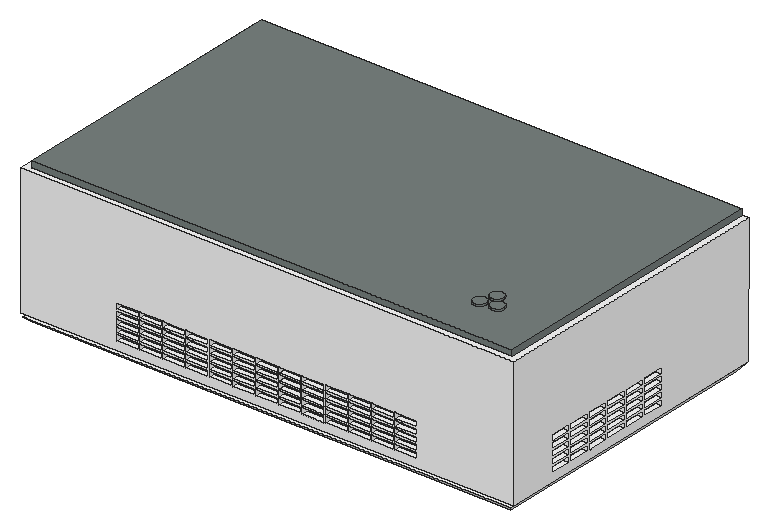
Revit family "AM 300 HHBB", category Mechanical Equipment, Revit 2019
Family settings
  Round Connector Dimension = Use Diameter
  Part Type = Normal
  OmniClass Number = 23.75.00.00
  OmniClass Title = Climate Control (HVAC)
  Work Plane-Based = No
  Always vertical = Yes
  Cut with Voids When Loaded = No
  Shared = No
  Room Calculation Point = No
Parameters
  Weight (Standard Unit) = 85  # constant formula
  Water Heating [instance] = yes
  Water Heater Surface Return = 15 mm  # constant formula
  Water Heater Surface IN = 15 mm  # constant formula
  URL = "www.airmaster-as.com"
  Total Width = 1180 mm  # constant formula
  Total Hight = 344 mm  # constant formula
  T-C Duct Supply = 187 mm  # constant formula
  T-C Duct Exhaust = 187 mm  # constant formula
  Suply Air In = 160 mm  # constant formula
  R-C Duct Supply = 133 mm  # constant formula
  Phase 1 - Max Power Consumption = "1175 W"
  Phase 1 - Max Current = "7,97 A"
  Nominal current, electrical preheating surface = "4,35 A"
  Nominal current, electrical comfort heating surface = "2,17 A"
  Nominal current, air handling unit = "1,45 A"
  Network Conection = "AWG 24 CAT 5e STP"
  Model = "AM 300 HHBB"
  Max. flow rate 35 dB(A) with ePM10 80% filters = 240.00 m³  # constant formula
  Max. flow rate 35 dB(A) with ePM10 55% filters = 270.00 m³  # constant formula
  Max. flow rate 35 dB(A) with ePM10 50% filters = 275.00 m³  # constant formula
  Max. flow rate 30 dB(A) with ePM10 80% filters = 180.00 m³  # constant formula
  Max. flow rate 30 dB(A) with ePM10 55% filters = 205.00 m³  # constant formula
  Max. flow rate 30 dB(A) with ePM10 50% filters = 210.00 m³  # constant formula
  Manufacturer = "Airmaster A/S"
  Maintenance [instance] = no
  L-C Duct Exhaust = 133 mm  # constant formula
  Exhaust Air = 160 mm  # constant formula
  Total Depth = 703 mm  # constant formula
  Electrical connection = "1 ~ 230 V / N / PE / 50 Hz"
  Drawn By = "LSB"
  Data Sheet = "https://www.airmaster-as.com/media/4938/15583-am300-en-rev-04.pdf"
  Condensate = 6 mm  # constant formula
  BMS Panel = "(PTS) 2x2x0,6"
  BMS Out = "(PTS) 2x2x0,6"
  BMS IN = "(PTS) 2x2x0,6"
  Airlow area [instance] = no
Reference planes
  plane 1 "Center (Front/Back)": y = 0
  plane 2: z = 0
  plane 3 "Center (Left/Right)": x = 0
  plane 4 "Center L/S": y = -703
  plane 5 "Center L/T": x = -590
  plane 6 "Center L/U": x = 590
  plane 7 "TOP": z = 344
  plane 8 "Center L/V": x = -575
  plane 9 "Center L/W": y = -688
  plane 10 "Center L/X": x = 575
  plane 11 "Panel Buttom": z = 20.747
  plane 12 "Panel Top": z = 330.347
  plane 13 "Hatch": z = 14.5
Forms (mm)
  Extrusion 1, solid, material "AM Grey"
    sketch origin (0, 0, 0) x (1, 0, 0) y (0, 1, 0)
      loop
        line (-575, 0) -> (-575, -688) -> (575, -688) -> (575, 0) -> (-575, 0)
    from 14.5 to 344
  Extrusion 2, solid, material "AM White"
    sketch origin (794.5, -1524, 20.747) x (0, -1, 0) y (-1, 0, 0)
      loop
        line (-1524, 1384.5) -> (-1524, 1369.5) -> (-836, 1369.5) -> (-836, 219.5) -> (-1524, 219.5) -> (-1524, 204.5) -> (-821, 204.5) -> (-821, 1384.5) -> (-1524, 1384.5)
    from 0 to -309.6
  Blend 3, solid, material "AM White"
    base sketch origin (-790.646, -1524, 14.5) x (0, -1, 0) y (1, 0, 0)
      loop
        line (-821, 207.613) -> (-821, 1373.657) -> (-1524, 1373.657) -> (-1524, 207.613) -> (-821, 207.613)
    top sketch origin (-790.646, -1524, 14.5) x (0, -1, 0) y (1, 0, 0)
      loop
        line (-836, 218.963) -> (-836, 1362.646) -> (-1509.161, 1362.646) -> (-1509.161, 218.963) -> (-836, 218.963)
    from 0 to -14.5
  Extrusion 4, solid, material "AM Grey"
    sketch origin (-575, 0, 0) x (1, 0, 0) y (0, 0, -1)
      loop
        circle (1032, -157) r 80
    from 0 to 18.45
  Extrusion 5, solid, material "AM Grey"
    sketch origin (-785, 0, 0) x (1, 0, 0) y (0, 0, -1)
      loop
        circle (328, -157) r 80
    from 0 to 18.45
  Extrusion 6, solid, material "Maintenece", visible <- "Maintenance"
    sketch origin (-790.646, -1524, 0) x (1, 0, 0) y (0, -1, 0)
      loop
        line (200.646, -1524) -> (1380.646, -1524) -> (1380.646, -821) -> (200.646, -821) -> (200.646, -1524)
    from 0 to 1200
  Extrusion 7, solid, material "Maintenece", visible <- "Airlow area"
    sketch origin (590, 0, 24.45) x (0, -1, 0) y (0, 0, -1)
      loop
        line (0, -98.297) -> (703, -98.297) -> (703, 21) -> (0, 21) -> (0, -98.297)
    from 0 to 500
  Extrusion 8, solid, material "AM Grey"
    sketch origin (0, 0, 344) x (1, 0, 0) y (0, 1, 0)
      loop
        circle (428.027, -549.273) r 15.55
    from 0 to 3
  Extrusion 9, solid, material "AM Grey"
    sketch origin (0, 0, 344) x (1, 0, 0) y (0, 1, 0)
      loop
        circle (452.132, -578.023) r 15.55
    from 0 to 3
  Extrusion 10, solid, material "AM Grey"
    sketch origin (0, 0, 344) x (1, 0, 0) y (0, 1, 0)
      loop
        circle (415.201, -584.535) r 15.55
    from 0 to 3
  Extrusion 11, void
    sketch origin (590, -703, 24.45) x (1, 0, 0) y (0, 0, -1)
      loop
        line (-950, -98.297) -> (-897.385, -98.297) -> (-897.385, -84.297) -> (-950, -84.297) -> (-950, -98.297)
      loop
        line (-950, -81.297) -> (-897.385, -81.297) -> (-897.385, -67.297) -> (-950, -67.297) -> (-950, -81.297)
      loop
        line (-950, -64.297) -> (-897.385, -64.297) -> (-897.385, -50.297) -> (-950, -50.297) -> (-950, -64.297)
      loop
        line (-950, -47.297) -> (-897.385, -47.297) -> (-897.385, -33.297) -> (-950, -33.297) -> (-950, -47.297)
      loop
        line (-950, -30.297) -> (-897.385, -30.297) -> (-897.385, -16.297) -> (-950, -16.297) -> (-950, -30.297)
      loop
        line (-894.385, -98.297) -> (-841.769, -98.297) -> (-841.769, -84.297) -> (-894.385, -84.297) -> (-894.385, -98.297)
      loop
        line (-894.385, -81.297) -> (-841.769, -81.297) -> (-841.769, -67.297) -> (-894.385, -67.297) -> (-894.385, -81.297)
      loop
        line (-894.385, -64.297) -> (-841.769, -64.297) -> (-841.769, -50.297) -> (-894.385, -50.297) -> (-894.385, -64.297)
      loop
        line (-894.385, -47.297) -> (-841.769, -47.297) -> (-841.769, -33.297) -> (-894.385, -33.297) -> (-894.385, -47.297)
      loop
        line (-894.385, -30.297) -> (-841.769, -30.297) -> (-841.769, -16.297) -> (-894.385, -16.297) -> (-894.385, -30.297)
      loop
        line (-838.769, -98.297) -> (-786.154, -98.297) -> (-786.154, -84.297) -> (-838.769, -84.297) -> (-838.769, -98.297)
      loop
        line (-838.769, -81.297) -> (-786.154, -81.297) -> (-786.154, -67.297) -> (-838.769, -67.297) -> (-838.769, -81.297)
      loop
        line (-838.769, -64.297) -> (-786.154, -64.297) -> (-786.154, -50.297) -> (-838.769, -50.297) -> (-838.769, -64.297)
      loop
        line (-838.769, -47.297) -> (-786.154, -47.297) -> (-786.154, -33.297) -> (-838.769, -33.297) -> (-838.769, -47.297)
      loop
        line (-838.769, -30.297) -> (-786.154, -30.297) -> (-786.154, -16.297) -> (-838.769, -16.297) -> (-838.769, -30.297)
      loop
        line (-783.154, -98.297) -> (-730.538, -98.297) -> (-730.538, -84.297) -> (-783.154, -84.297) -> (-783.154, -98.297)
      loop
        line (-783.154, -81.297) -> (-730.538, -81.297) -> (-730.538, -67.297) -> (-783.154, -67.297) -> (-783.154, -81.297)
      loop
        line (-783.154, -64.297) -> (-730.538, -64.297) -> (-730.538, -50.297) -> (-783.154, -50.297) -> (-783.154, -64.297)
      loop
        line (-783.154, -47.297) -> (-730.538, -47.297) -> (-730.538, -33.297) -> (-783.154, -33.297) -> (-783.154, -47.297)
      loop
        line (-783.154, -30.297) -> (-730.538, -30.297) -> (-730.538, -16.297) -> (-783.154, -16.297) -> (-783.154, -30.297)
      loop
        line (-727.538, -98.297) -> (-674.923, -98.297) -> (-674.923, -84.297) -> (-727.538, -84.297) -> (-727.538, -98.297)
      loop
        line (-727.538, -81.297) -> (-674.923, -81.297) -> (-674.923, -67.297) -> (-727.538, -67.297) -> (-727.538, -81.297)
      loop
        line (-727.538, -64.297) -> (-674.923, -64.297) -> (-674.923, -50.297) -> (-727.538, -50.297) -> (-727.538, -64.297)
      loop
        line (-727.538, -47.297) -> (-674.923, -47.297) -> (-674.923, -33.297) -> (-727.538, -33.297) -> (-727.538, -47.297)
      loop
        line (-727.538, -30.297) -> (-674.923, -30.297) -> (-674.923, -16.297) -> (-727.538, -16.297) -> (-727.538, -30.297)
      loop
        line (-671.923, -98.297) -> (-619.308, -98.297) -> (-619.308, -84.297) -> (-671.923, -84.297) -> (-671.923, -98.297)
      loop
        line (-671.923, -81.297) -> (-619.308, -81.297) -> (-619.308, -67.297) -> (-671.923, -67.297) -> (-671.923, -81.297)
      loop
        line (-671.923, -64.297) -> (-619.308, -64.297) -> (-619.308, -50.297) -> (-671.923, -50.297) -> (-671.923, -64.297)
      loop
        line (-671.923, -47.297) -> (-619.308, -47.297) -> (-619.308, -33.297) -> (-671.923, -33.297) -> (-671.923, -47.297)
      loop
        line (-671.923, -30.297) -> (-619.308, -30.297) -> (-619.308, -16.297) -> (-671.923, -16.297) -> (-671.923, -30.297)
      loop
        line (-616.308, -98.297) -> (-563.692, -98.297) -> (-563.692, -84.297) -> (-616.308, -84.297) -> (-616.308, -98.297)
      loop
        line (-616.308, -81.297) -> (-563.692, -81.297) -> (-563.692, -67.297) -> (-616.308, -67.297) -> (-616.308, -81.297)
      loop
        line (-616.308, -64.297) -> (-563.692, -64.297) -> (-563.692, -50.297) -> (-616.308, -50.297) -> (-616.308, -64.297)
      loop
        line (-616.308, -47.297) -> (-563.692, -47.297) -> (-563.692, -33.297) -> (-616.308, -33.297) -> (-616.308, -47.297)
      loop
        line (-616.308, -30.297) -> (-563.692, -30.297) -> (-563.692, -16.297) -> (-616.308, -16.297) -> (-616.308, -30.297)
      loop
        line (-560.692, -98.297) -> (-508.077, -98.297) -> (-508.077, -84.297) -> (-560.692, -84.297) -> (-560.692, -98.297)
      loop
        line (-560.692, -81.297) -> (-508.077, -81.297) -> (-508.077, -67.297) -> (-560.692, -67.297) -> (-560.692, -81.297)
      loop
        line (-560.692, -64.297) -> (-508.077, -64.297) -> (-508.077, -50.297) -> (-560.692, -50.297) -> (-560.692, -64.297)
      loop
        line (-560.692, -47.297) -> (-508.077, -47.297) -> (-508.077, -33.297) -> (-560.692, -33.297) -> (-560.692, -47.297)
      loop
        line (-560.692, -30.297) -> (-508.077, -30.297) -> (-508.077, -16.297) -> (-560.692, -16.297) -> (-560.692, -30.297)
      loop
        line (-505.077, -98.297) -> (-452.462, -98.297) -> (-452.462, -84.297) -> (-505.077, -84.297) -> (-505.077, -98.297)
      loop
        line (-505.077, -81.297) -> (-452.462, -81.297) -> (-452.462, -67.297) -> (-505.077, -67.297) -> (-505.077, -81.297)
      loop
        line (-505.077, -64.297) -> (-452.462, -64.297) -> (-452.462, -50.297) -> (-505.077, -50.297) -> (-505.077, -64.297)
      loop
        line (-505.077, -47.297) -> (-452.462, -47.297) -> (-452.462, -33.297) -> (-505.077, -33.297) -> (-505.077, -47.297)
      loop
        line (-505.077, -30.297) -> (-452.462, -30.297) -> (-452.462, -16.297) -> (-505.077, -16.297) -> (-505.077, -30.297)
      loop
        line (-449.462, -98.297) -> (-396.846, -98.297) -> (-396.846, -84.297) -> (-449.462, -84.297) -> (-449.462, -98.297)
      loop
        line (-449.462, -81.297) -> (-396.846, -81.297) -> (-396.846, -67.297) -> (-449.462, -67.297) -> (-449.462, -81.297)
      loop
        line (-449.462, -64.297) -> (-396.846, -64.297) -> (-396.846, -50.297) -> (-449.462, -50.297) -> (-449.462, -64.297)
      loop
        line (-449.462, -47.297) -> (-396.846, -47.297) -> (-396.846, -33.297) -> (-449.462, -33.297) -> (-449.462, -47.297)
      loop
        line (-449.462, -30.297) -> (-396.846, -30.297) -> (-396.846, -16.297) -> (-449.462, -16.297) -> (-449.462, -30.297)
      loop
        line (-393.846, -98.297) -> (-341.231, -98.297) -> (-341.231, -84.297) -> (-393.846, -84.297) -> (-393.846, -98.297)
      loop
        line (-393.846, -81.297) -> (-341.231, -81.297) -> (-341.231, -67.297) -> (-393.846, -67.297) -> (-393.846, -81.297)
      loop
        line (-393.846, -64.297) -> (-341.231, -64.297) -> (-341.231, -50.297) -> (-393.846, -50.297) -> (-393.846, -64.297)
      loop
        line (-393.846, -47.297) -> (-341.231, -47.297) -> (-341.231, -33.297) -> (-393.846, -33.297) -> (-393.846, -47.297)
      loop
        line (-393.846, -30.297) -> (-341.231, -30.297) -> (-341.231, -16.297) -> (-393.846, -16.297) -> (-393.846, -30.297)
      loop
        line (-338.231, -98.297) -> (-285.615, -98.297) -> (-285.615, -84.297) -> (-338.231, -84.297) -> (-338.231, -98.297)
      loop
        line (-338.231, -81.297) -> (-285.615, -81.297) -> (-285.615, -67.297) -> (-338.231, -67.297) -> (-338.231, -81.297)
      loop
        line (-338.231, -64.297) -> (-285.615, -64.297) -> (-285.615, -50.297) -> (-338.231, -50.297) -> (-338.231, -64.297)
      loop
        line (-338.231, -47.297) -> (-285.615, -47.297) -> (-285.615, -33.297) -> (-338.231, -33.297) -> (-338.231, -47.297)
      loop
        line (-338.231, -30.297) -> (-285.615, -30.297) -> (-285.615, -16.297) -> (-338.231, -16.297) -> (-338.231, -30.297)
      loop
        line (-282.615, -98.297) -> (-230, -98.297) -> (-230, -84.297) -> (-282.615, -84.297) -> (-282.615, -98.297)
      loop
        line (-282.615, -81.297) -> (-230, -81.297) -> (-230, -67.297) -> (-282.615, -67.297) -> (-282.615, -81.297)
      loop
        line (-282.615, -64.297) -> (-230, -64.297) -> (-230, -50.297) -> (-282.615, -50.297) -> (-282.615, -64.297)
      loop
        line (-282.615, -47.297) -> (-230, -47.297) -> (-230, -33.297) -> (-282.615, -33.297) -> (-282.615, -47.297)
      loop
        line (-282.615, -30.297) -> (-230, -30.297) -> (-230, -16.297) -> (-282.615, -16.297) -> (-282.615, -30.297)
    from 0 to 15
  Extrusion 12, void
    sketch origin (590, 0, 25.035) x (0, 1, 0) y (0, 0, -1)
      loop
        line (-588.9, -97.712) -> (-536.417, -97.712) -> (-536.417, -83.712) -> (-588.9, -83.712) -> (-588.9, -97.712)
      loop
        line (-588.9, -80.712) -> (-536.417, -80.712) -> (-536.417, -66.712) -> (-588.9, -66.712) -> (-588.9, -80.712)
      loop
        line (-588.9, -63.712) -> (-536.417, -63.712) -> (-536.417, -49.712) -> (-588.9, -49.712) -> (-588.9, -63.712)
      loop
        line (-588.9, -46.712) -> (-536.417, -46.712) -> (-536.417, -32.712) -> (-588.9, -32.712) -> (-588.9, -46.712)
      loop
        line (-588.9, -29.712) -> (-536.417, -29.712) -> (-536.417, -15.712) -> (-588.9, -15.712) -> (-588.9, -29.712)
      loop
        line (-533.417, -97.712) -> (-480.933, -97.712) -> (-480.933, -83.712) -> (-533.417, -83.712) -> (-533.417, -97.712)
      loop
        line (-533.417, -80.712) -> (-480.933, -80.712) -> (-480.933, -66.712) -> (-533.417, -66.712) -> (-533.417, -80.712)
      loop
        line (-533.417, -63.712) -> (-480.933, -63.712) -> (-480.933, -49.712) -> (-533.417, -49.712) -> (-533.417, -63.712)
      loop
        line (-533.417, -46.712) -> (-480.933, -46.712) -> (-480.933, -32.712) -> (-533.417, -32.712) -> (-533.417, -46.712)
      loop
        line (-533.417, -29.712) -> (-480.933, -29.712) -> (-480.933, -15.712) -> (-533.417, -15.712) -> (-533.417, -29.712)
      loop
        line (-477.933, -97.712) -> (-425.45, -97.712) -> (-425.45, -83.712) -> (-477.933, -83.712) -> (-477.933, -97.712)
      loop
        line (-477.933, -80.712) -> (-425.45, -80.712) -> (-425.45, -66.712) -> (-477.933, -66.712) -> (-477.933, -80.712)
      loop
        line (-477.933, -63.712) -> (-425.45, -63.712) -> (-425.45, -49.712) -> (-477.933, -49.712) -> (-477.933, -63.712)
      loop
        line (-477.933, -46.712) -> (-425.45, -46.712) -> (-425.45, -32.712) -> (-477.933, -32.712) -> (-477.933, -46.712)
      loop
        line (-477.933, -29.712) -> (-425.45, -29.712) -> (-425.45, -15.712) -> (-477.933, -15.712) -> (-477.933, -29.712)
      loop
        line (-422.45, -97.712) -> (-369.967, -97.712) -> (-369.967, -83.712) -> (-422.45, -83.712) -> (-422.45, -97.712)
      loop
        line (-422.45, -80.712) -> (-369.967, -80.712) -> (-369.967, -66.712) -> (-422.45, -66.712) -> (-422.45, -80.712)
      loop
        line (-422.45, -63.712) -> (-369.967, -63.712) -> (-369.967, -49.712) -> (-422.45, -49.712) -> (-422.45, -63.712)
      loop
        line (-422.45, -46.712) -> (-369.967, -46.712) -> (-369.967, -32.712) -> (-422.45, -32.712) -> (-422.45, -46.712)
      loop
        line (-422.45, -29.712) -> (-369.967, -29.712) -> (-369.967, -15.712) -> (-422.45, -15.712) -> (-422.45, -29.712)
      loop
        line (-366.967, -97.712) -> (-314.483, -97.712) -> (-314.483, -83.712) -> (-366.967, -83.712) -> (-366.967, -97.712)
      loop
        line (-366.967, -80.712) -> (-314.483, -80.712) -> (-314.483, -66.712) -> (-366.967, -66.712) -> (-366.967, -80.712)
      loop
        line (-366.967, -63.712) -> (-314.483, -63.712) -> (-314.483, -49.712) -> (-366.967, -49.712) -> (-366.967, -63.712)
      loop
        line (-366.967, -46.712) -> (-314.483, -46.712) -> (-314.483, -32.712) -> (-366.967, -32.712) -> (-366.967, -46.712)
      loop
        line (-366.967, -29.712) -> (-314.483, -29.712) -> (-314.483, -15.712) -> (-366.967, -15.712) -> (-366.967, -29.712)
      loop
        line (-311.483, -97.712) -> (-259, -97.712) -> (-259, -83.712) -> (-311.483, -83.712) -> (-311.483, -97.712)
      loop
        line (-311.483, -80.712) -> (-259, -80.712) -> (-259, -66.712) -> (-311.483, -66.712) -> (-311.483, -80.712)
      loop
        line (-311.483, -63.712) -> (-259, -63.712) -> (-259, -49.712) -> (-311.483, -49.712) -> (-311.483, -63.712)
      loop
        line (-311.483, -46.712) -> (-259, -46.712) -> (-259, -32.712) -> (-311.483, -32.712) -> (-311.483, -46.712)
      loop
        line (-311.483, -29.712) -> (-259, -29.712) -> (-259, -15.712) -> (-311.483, -15.712) -> (-311.483, -29.712)
    from 0 to 15
  Extrusion 13, solid, material "AM Grey", visible <- "Water Heating"
    sketch origin (-575, -688, 0) x (0, 1, 0) y (0, 0, -1)
      loop
        circle (325.216, -242.139) r 15.55
    from 0 to 36
  Extrusion 14, solid, material "AM Grey", visible <- "Water Heating"
    sketch origin (-575, -836.92, 39.903) x (0, 1, 0) y (0, 0, -1)
      loop
        circle (325.216, -242.139) r 15.55
    from 0 to 36
Cuts and joins
  Extrusion 11, Extrusion 12 cuts Extrusion 1
  Extrusion 11, Extrusion 12 cuts Extrusion 2
  Extrusion 12 cuts Extrusion 7
Dimensions and locks
  "Total Depth": plane 4 "Center L/S" to plane 1 "Center (Front/Back)"
  equal spacing: plane 5 "Center L/T", plane 3 "Center (Left/Right)", plane 6 "Center L/U"
  "Total Width": plane 5 "Center L/T" to plane 6 "Center L/U"
  "Total Hight": plane 7 "TOP" to level
  locked: plane 10 "Center L/X" to plane 6 "Center L/U" at 15
  locked: plane 4 "Center L/S" to plane 9 "Center L/W" at 15
  locked: plane 5 "Center L/T" to plane 8 "Center L/V" at 15
  Extrusion 1 to Blend 3 sketch curve = 14.839 mm
  "R-C Duct Supply": plane 6 "Center L/U" to Extrusion 4 sketch curve
  "T-C Duct Exhaust": Extrusion 5 sketch curve to plane 7 "TOP"
  "L-C Duct Exhaust": Extrusion 5 sketch curve to plane 5 "Center L/T"
  "T-C Duct Supply": plane 7 "TOP" to Extrusion 4 sketch curve
  "Suply Air In": diameter of Extrusion 4 sketch curve
  "Exhaust Air": diameter of Extrusion 5 sketch curve
  aligned and locked: level to plane 2
  aligned and locked: plane 1 "Center (Front/Back)" to Extrusion 1 sketch curve
  aligned and locked: plane 8 "Center L/V" to Extrusion 1 sketch curve
  aligned and locked: Extrusion 1 sketch curve to plane 9 "Center L/W"
  aligned and locked: Extrusion 1 sketch curve to plane 10 "Center L/X"
  aligned and locked: plane 7 "TOP" to Extrusion 1
  aligned and locked: plane 5 "Center L/T" to Extrusion 2 sketch curve
  aligned and locked: plane 4 "Center L/S" to Extrusion 2 sketch curve
  aligned and locked: plane 6 "Center L/U" to Extrusion 2 sketch curve
  aligned and locked: Extrusion 2 sketch curve to Extrusion 1  (x3)
  aligned and locked: plane 1 "Center (Front/Back)" to Extrusion 2 sketch curve
  aligned and locked: Extrusion 2 to plane 12 "Panel Top"
  aligned and locked: Blend 3 to plane 2
  aligned and locked: plane 13 "Hatch" to Extrusion 1
Automatic sketch dimensions
  plane 1 "Center (Front/Back)" to Extrusion 2 sketch curve = 0 mm
  plane 1 "Center (Front/Back)" to Blend 3 sketch curve = 0 mm
  plane 4 "Center L/S" to Blend 3 sketch curve = 0 mm
  plane 5 "Center L/T" to Blend 3 sketch curve = 6.967 mm
  Blend 3 sketch curve to plane 6 "Center L/U" = 6.989 mm
  plane 9 "Center L/W" to Blend 3 sketch curve = 0 mm
  plane 8 "Center L/V" to Blend 3 sketch curve = 3.316 mm
  Blend 3 sketch curve to plane 10 "Center L/X" = 3 mm
  Extrusion 6 sketch curve to Blend 3 = 18.316 mm
  Extrusion 6 sketch curve to Blend 3 = 18 mm
  Extrusion 6 sketch curve to Blend 3 = 15 mm
  Extrusion 6 sketch curve to Blend 3 = 14.839 mm
  Extrusion 7 sketch curve to plane 1 "Center (Front/Back)" = 0 mm
  Extrusion 7 sketch curve to plane 4 "Center L/S" = 0 mm
  Extrusion 7 sketch curve to plane 11 "Panel Buttom" = 102 mm
  level to Extrusion 7 sketch curve = 3.45 mm
  Extrusion 8 sketch curve to Extrusion 1 = 146.973 mm
  Extrusion 8 sketch curve to Extrusion 1 = 138.727 mm
  Extrusion 9 sketch curve to Extrusion 1 = 122.868 mm
  Extrusion 9 sketch curve to Extrusion 1 = 109.977 mm
  Extrusion 10 sketch curve to Extrusion 1 = 159.799 mm
  Extrusion 10 sketch curve to Extrusion 1 = 103.465 mm
  Extrusion 11 sketch curve to Extrusion 2 = 102 mm  (x2)
  Extrusion 11 sketch curve to Extrusion 2 = 230 mm
  Extrusion 11 sketch curve to Extrusion 2 = 20 mm
  Extrusion 11 sketch curve to Extrusion 11 sketch curve = 0 mm  (x115)
  Extrusion 11 sketch curve to Extrusion 11 sketch curve = 52.615 mm  (x13)
  Extrusion 11 sketch curve to Extrusion 11 sketch curve = 3 mm  (x88)
  Extrusion 11 sketch curve to Extrusion 11 sketch curve = 14 mm  (x40)
  Extrusion 2 to Extrusion 12 sketch curve = 114.1 mm
  Extrusion 12 sketch curve to Extrusion 12 sketch curve = 0 mm  (x59)
  Extrusion 12 sketch curve to Extrusion 12 sketch curve = 52.483 mm  (x6)
  Extrusion 12 sketch curve to Extrusion 12 sketch curve = 3 mm  (x38)
  Extrusion 12 sketch curve to Extrusion 2 = 102 mm  (x2)
  Extrusion 12 sketch curve to Extrusion 12 sketch curve = 14 mm  (x14)
  Extrusion 1 to Extrusion 13 sketch curve = 101.861 mm
  Extrusion 13 sketch curve to Extrusion 1 = 325.216 mm
  Extrusion 1 to Extrusion 14 sketch curve = 61.958 mm
  Extrusion 14 sketch curve to Extrusion 1 = 176.296 mm
  radius of Extrusion 8 sketch curve = 15.55 mm
  radius of Extrusion 9 sketch curve = 15.55 mm
  radius of Extrusion 10 sketch curve = 15.55 mm
  radius of Extrusion 13 sketch curve = 15.55 mm
  radius of Extrusion 14 sketch curve = 15.55 mm
Nested families
  nested 1: "Model Label 2019" at (0, -361.924, 0), Label <- "Model", type "Model Label 2019"
    with Label "AM 300 HHBB"
  nested 2: "Pil Indtag" at (1100, -364, 0) x (-1, 0, 0) z (0, 0, 1), type "Pil Indtag"
    with dX_ 609 mm, dX 609 mm, ang2D 0.00°
  nested 3: "indblæssymbol" at (0, -803, 0) x (0, -1, 0) z (0, 0, 1), type "indblæssymbol"
    with dX_ 609 mm, dX 609 mm, ang2D 0.00°
Connectors
  electrical at (428.027, -549.273, 344)
    settings: on Extrusion 8, index 13, voltage 230 V, apparent load 0 VA, apparent load phase1 0 VA, apparent load phase2 0 VA, apparent load phase3 0 VA, power factor 0.55, load classification "Other", number of poles 1, system type 30, power factor state 1, is connector primary yes, connector utility no, sub classification motor no, connector description ""
  electrical at (452.132, -578.023, 344), driven by "BMS Out"
    settings: on Extrusion 9, index 14, voltage 0 V, apparent load 0 VA, apparent load phase1 0 VA, apparent load phase2 0 VA, apparent load phase3 0 VA, power factor 1, load classification "Other", number of poles 1, system type 5, power factor state 1, is connector primary no, connector utility no, sub classification motor no, connector description "(PTS) 2x2x0,6"
  electrical at (415.201, -584.535, 344), driven by "BMS IN"
    settings: on Extrusion 10, index 15, voltage 0 V, apparent load 0 VA, apparent load phase1 0 VA, apparent load phase2 0 VA, apparent load phase3 0 VA, power factor 1, load classification "Other", number of poles 1, system type 5, power factor state 1, is connector primary no, connector utility no, sub classification motor no, connector description "(PTS) 2x2x0,6"
  piping at (-611, -362.784, 242.139), diameter 15, driven by "Water Heater Surface IN"
    settings: on Extrusion 13, index 16, connector inside diameter 609.6 mm, connector length 0 mm, flow factor 0, pipe flow 0.0 L/s, pressure drop 0.0 Pa, fitting loss kfactor 0, connector angle 0.00°, fixture units 0, engagement length 0 mm, angle of deflection 0.00°, flow configuration 0, flow direction 1, fitting loss method 0, system type 19, joint type 0, gender type 0, connector reference index -1, connector utility 0, adjustable connector no, is connector primary yes, connector description ""
  piping at (-611, -511.704, 282.042), diameter 15, driven by "Water Heater Surface IN"
    settings: on Extrusion 14, index 17, connector inside diameter 609.6 mm, connector length 0 mm, flow factor 0, pipe flow 0.0 L/s, pressure drop 0.0 Pa, fitting loss kfactor 0, connector angle 0.00°, fixture units 0, engagement length 0 mm, angle of deflection 0.00°, flow configuration 0, flow direction 2, fitting loss method 0, system type 19, joint type 0, gender type 0, connector reference index -1, connector utility 0, adjustable connector no, is connector primary no, connector description ""
  hvac at (-457, 0, 157), driven by "Exhaust Air"
    settings: on Extrusion 5, index 18, duct flow 0.0 L/s, flow factor 0, pres drop 0.0 Pa, loss coef 0, conn angle 0.00°, conn width 304.8 mm, conn height 304.8 mm, conn diameter 160 mm, duct sys type 3, conn prof type 0, flow config 0, flow direction 2, loss method 0, conn ref index -1, conn util no, is conn primary yes, conn desc ""
  hvac at (457, 0, 157), driven by "Suply Air In"
    settings: on Extrusion 4, index 19, duct flow 0.0 L/s, flow factor 0, pres drop 0.0 Pa, loss coef 0, conn angle 0.00°, conn width 304.8 mm, conn height 304.8 mm, conn diameter 160 mm, duct sys type 1, conn prof type 0, flow config 0, flow direction 1, loss method 0, conn ref index -1, conn util no, is conn primary no, conn desc ""
Definition of nested family "Model Label 2019"
  Parameters (values of type "Model Label 2019")
    Label [instance] = ""
  Reference planes
    plane 1: y = 0
    plane 2: x = 0
  Text (mm)
    label "Label" at (-0.131, 0.049, 0), shows "Label"
Definition of nested family "Pil Indtag"
  Parameters (values of type "Pil Indtag")
    dX_ [instance] = if(dX = 0 mm, 1 mm, dX)  # 609 mm
    dX [instance] = 609 mm
    ang2D [instance] = 0.00°
    Type Comments = "DO NOT CHANGE dX value from 608 mm ( 2 ft )"
    Afstand pil = 50 mm
  Reference planes
    plane 1 "Center (Front/Back)": y = 0
    plane 2: z = 0
    plane 3 "Center (Left/Right)": x = 0
    plane 4: x = 500
  Lines and regions (mm)
    Filled region 1, type "Concrete", in view "Ref. Level"
      outline origin (0, 0, 0) x (1, 0, 0) y (0, 1, 0)
        loop
          line (499.552, 0) -> (401.072, 17.365) -> (401.072, -17.365) -> (499.552, 0)
    reference lines, in view "Ref. Level"
      curve 1: line (50, 134.129, 0) -> (50, -145.871, 0)
    detail lines, in view "Ref. Level", not visible
      curve 2: arc (335, 0, 0) -> (385.559, -50.321, 0) -> (434.999, 1.101, 0) r 50.01
      curve 3: arc (335, 0, 0) -> (285.666, 52.633, 0) -> (235.069, 1.212, 0) r 50.01
      curve 4: line (434.999, 1.101, 0) -> (434.999, 21.156, 0)
      curve 5: line (235.069, 1.212, 0) -> (235.069, -18.844, 0)
    detail lines, in view "Ref. Level"
      curve 6: arc (225.332, 0, 0) -> (272.332, -35.211, 0) -> (294.114, 19.326, 0) r 36.995
      curve 7: arc (225.206, 0, 0) -> (173.868, 30.307, 0) -> (156.85, -26.829, 0) r 37.835
      curve 8: line (499.552, 0, 0) -> (401.072, 17.365, 0)
      curve 9: line (401.072, 17.365, 0) -> (401.072, -17.365, 0)
      curve 10: line (401.072, -17.365, 0) -> (499.552, 0, 0)
      curve 11: line (499.552, 0, 0) -> (-15.448, 0, 0)
  Dimensions and locks
    "Afstand pil": plane 3 "Center (Left/Right)" to curve 1
    plane 3 "Center (Left/Right)" to plane 4 = 500 mm
  Automatic sketch dimensions
    plane 1 "Center (Front/Back)" to Filled region 1 sketch curve = 0 mm
    Filled region 1 sketch curve to plane 4 = 0.448 mm
    plane 1 "Center (Front/Back)" to Filled region 1 sketch curve = 17.365 mm
    Filled region 1 sketch curve to plane 4 = 98.928 mm
    Filled region 1 sketch curve to plane 1 "Center (Front/Back)" = 17.365 mm
    plane 1 "Center (Front/Back)" to curve 11 = 0 mm
    plane 1 "Center (Front/Back)" to curve 7 = 4.913 mm
    plane 3 "Center (Left/Right)" to curve 7 = 187.691 mm
    curve 6 to plane 1 "Center (Front/Back)" = 0.405 mm
    curve 7 to curve 6 = 74.634 mm
    curve 9 to plane 1 "Center (Front/Back)" = 17.365 mm
    curve 9 to plane 4 = 98.928 mm
    curve 11 to plane 4 = 0.448 mm
    plane 1 "Center (Front/Back)" to curve 10 = 17.365 mm
    curve 7 to curve 7 = 30.842 mm
    curve 11 to plane 3 "Center (Left/Right)" = 15.448 mm
    curve 7 to curve 6 = 37.119 mm
    curve 7 to curve 6 = 0.126 mm
    curve 6 to plane 1 "Center (Front/Back)" = 19.326 mm
    plane 1 "Center (Front/Back)" to curve 1 = 145.871 mm
    curve 1 to plane 1 "Center (Front/Back)" = 134.129 mm
Definition of nested family "indblæssymbol"
  Parameters (values of type "indblæssymbol")
    dX_ [instance] = if(dX = 0 mm, 1 mm, dX)  # 609 mm
    dX [instance] = 609 mm
    ang2D [instance] = 0.00°
    Type Comments = "DO NOT CHANGE dX value from 608 mm ( 2 ft )"
    Afstand pil = 50 mm
  Reference planes
    plane 1 "Center (Front/Back)": y = 0
    plane 2: z = 0
    plane 3 "Center (Left/Right)": x = 0
  Lines and regions (mm)
    Filled region 1, type "Concrete", in view "Ref. Level"
      outline origin (50.005, 0, 0) x (1, 0, 0) y (0, 1, 0)
        loop
          line (399.995, 0.414) -> (301.442, 17.365) -> (301.588, -17.365) -> (399.995, 0.414)
    reference lines, in view "Ref. Level"
      curve 1: line (50, 134.129, 0) -> (50, -145.871, 0)
    detail lines, in view "Ref. Level"
      curve 2: line (351.52, 0, 0) -> (50, 0, 0)
  Dimensions and locks
    "Afstand pil": plane 3 "Center (Left/Right)" to curve 1
    curve 1 to Filled region 1 = 400 mm
  Automatic sketch dimensions
    Filled region 1 sketch curve to plane 1 "Center (Front/Back)" = 0.414 mm
    plane 3 "Center (Left/Right)" to Filled region 1 sketch curve = 450 mm
    plane 1 "Center (Front/Back)" to Filled region 1 sketch curve = 17.365 mm
    Filled region 1 sketch curve to Filled region 1 sketch curve = 98.407 mm
    Filled region 1 sketch curve to plane 1 "Center (Front/Back)" = 17.365 mm
    Filled region 1 sketch curve to Filled region 1 sketch curve = 0.146 mm
    plane 1 "Center (Front/Back)" to curve 2 = 0 mm
    plane 3 "Center (Left/Right)" to curve 2 = 50 mm
    curve 2 to curve 2 = 301.52 mm
    plane 1 "Center (Front/Back)" to curve 1 = 145.871 mm
    curve 1 to plane 1 "Center (Front/Back)" = 134.129 mm
